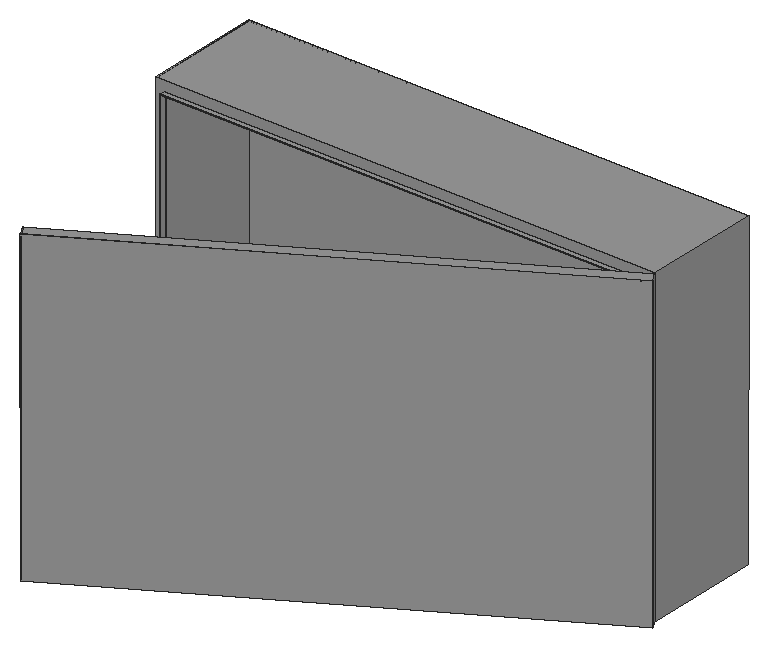
Revit family "Hager-Univers-IP44-D205-H500-Cl.I-encl-NoHosted-DE-de", category Equipement électrique, Revit 2020
Family settings
  Configuration du panneau = Deux colonnes, circuits au sein
  Cote de connecteur circulaire = Utiliser le diamètre
  Type d'élément = Tableau de raccordement
  Basée sur le plan de construction = Oui
  Toujours verticalement = Oui
  Couper avec des vides une fois chargée = Non
  Partagée = Non
  Point de calcul de pièce = Non
Parameters (values of type "Aufputz IP44 B800 H500 T205  - FP33TN2")
  Width Control [instance] = if([EF000008 - Breite] > Min Width, [EF000008 - Breite], Min Width)  # 800 mm
  Commentaires du type = [HG000003 - Bereich]  # "Univers"
  Thickness Door [instance] = if([EF009171 - Materialstärke Tür/Deckel] > 3 mm, 3 mm, [EF009171 - Materialstärke Tür/Deckel])  # 1 mm
  Seal Frame Offset [instance] = 17 mm  # constant formula
  Plinth Visibility [instance] = [HG000027 - Sockelhöhe] > 0 mm  # no
  Min Width [instance] = 100 mm  # constant formula
  Min Depth [instance] = (2 * [EF009170 - Materialstärke Gehäuse]) + 1 mm  # 3 mm
  Min Height [instance] = 100 mm  # constant formula
  Internal Frame Depth [instance] = (Door System Depth * 0.5)  # 9 mm
  Panel Name [instance] = ""  # (empty or 0)
  Model = ""
  HG000027 - Sockelhöhe = 0 mm
  HG000026 - Stehend auf dem Boden = no
  HG000024 - Höhe des unteren Teils = 600 mm
  HG000023 - Gehäuse mit doppeltem Querschnitt = no
  HG000016 - 3D-Türsichtbarkeit [instance] = yes
  HG000015 - Sichtbarkeit der Türöffnung [instance] = no
  HG000014 - Tür rechts [instance] = yes
  HG000013 - Tür links [instance] = not([HG000014 - Tür rechts])  # no
  HG000012 - Türschwenkwinkel [instance] = 30.00°
  HG000010 - Asymmetrische Türen = no
  HG000009 - Doppelflügeligen Tür = no
  HG000006 - Unterputz = no
  HG000004 - Herstellerreferenz = "FP33TN2"
  HG000003 - Bereich = "Univers"
  HG000002 - Mit tür = yes
  Frame Offset Bottom [instance] = 10 mm  # constant formula
  Frame Offset [instance] = 15 mm  # constant formula
  EF015940 - Deckel mit Überdruckentlastung = no
  EF011959 - Schutzart (NEMA) = ""
  EF009554 - Anzahl der Öffnungen für Flanschplatten = 6
  EF009212 - Ausführung Deckel = "EV000116 - geschlossen"
  EF009171 - Materialstärke Tür/Deckel = 1 mm
  EF009170 - Materialstärke Gehäuse = 1 mm
  EF008873 - Nennstrom (In) = 250 A
  EF007800 - Geeignet für Blitzschutz = no
  EF006306 - Mit Schloss = no
  EF006244 - Transparenter Deckel/Tür = no
  EF005474 - Schutzart (IP) = "EV006418 - IP44"
  EF004464 - Art der Tür = "EV002646 - Einzel"
  EF004427 - Anzahl der Module = 108
  EF004293 - Schlagfestigkeit = "EV006815 - IK09"
  EF003532 - Geeignet für Außengebrauch = no
  EF002950 - Breite in Teilungseinheiten = 36
  EF001613 - Funktionserhalt = "EV000494 - ohne"
  EF001596 - Werkstoff des Gehäuses = "EV000179 - Stahl"
  EF001131 - Innentiefe = 205 mm
  EF001088 - Anbaumöglichkeit = yes
  EF000437 - Anzahl der Leitungseinführungen = 6
  EF000339 - Art der Abdeckung = "EV001012 - Deckel"
  EF000266 - Anzahl der Reihen = 3
  EF000218 - Einbautiefe = 205 mm
  EF000118 - Mit Montageplatte = no
  EF000116 - RAL-Nummer = "9010"
  EF000049 - Tiefe = 205 mm
  EF000040 - Höhe = 500 mm
  EF000008 - Breite = 800 mm
  EF000007 - Farbe = "EV000202 - weiß"
  EF000003 - Montageart = "EV000384 - Aufputz"
  Door System Leaf Tolerance [instance] = 1.5 mm  # constant formula
  Door System Depth [instance] = 18 mm  # constant formula
  Door Height [instance] = Height Control - [HG000027 - Sockelhöhe]  # 500 mm
  Description = ""
  Default Elevation = 1219.2 mm
  Connector Offset [instance] = Height Control / 2  # 250 mm
  Fabricant = "Hager"  # constant formula
  Height Control [instance] = if([EF000040 - Höhe] > Min Height, [EF000040 - Höhe], Min Height)  # 500 mm
  Depth Control [instance] = if([EF000049 - Tiefe] > Min Depth, [EF000049 - Tiefe], Min Depth)  # 205 mm
  Bottom Top Plate Trim [instance] = 1.5 mm  # constant formula
  Plinth height Ctrl [instance] = if([HG000027 - Sockelhöhe] > 0 mm, [HG000027 - Sockelhöhe], 12 mm)  # 12 mm
Types (9, lengths in mm): name | Width Control | HG000010 - Asymmetrische Türen | HG000009 - Doppelflügeligen Tür | HG000004 - Herstellerreferenz | EF009554 - Anzahl der Öffnungen für Flanschplatten | EF004464 - Art der Tür | EF004427 - Anzahl der Module | EF004293 - Schlagfestigkeit | EF002950 - Breite in Teilungseinheiten | EF000437 - Anzahl der Leitungseinführungen | EF000008 - Breite
  Aufputz IP44 B1050 H500 T205  - FP34TN2 | 1050 | no | yes | "FP34TN2" | 8 | "EV003602 - Doppel" | 144 | "EV006815 - IK09" | 48 | 8 | 1050
  Aufputz IP44 B1300 H500 T205  - FP35TN | 1300 | no | yes | "FP35TN" | 10 | "EV003602 - Doppel" | 180 | "EV006815 - IK09" | 60 | 10 | 1300
  Aufputz IP44 B1300 H500 T205  - FP35TN2 | 1300 | yes | yes | "FP35TN2" | 10 | "EV003602 - Doppel" | 180 | "EV006815 - IK09" | 60 | 10 | 1300
  Aufputz IP44 B300 H500 T205  - FP31TN | 300 | no | no | "FP31TN" | 2 | "EV002646 - Einzel" | 36 | "EV006813 - IK07" | 12 | 2 | 300
  Aufputz IP44 B300 H500 T205  - FP31TN2 | 300 | no | no | "FP31TN2" | 2 | "EV002646 - Einzel" | 36 | "EV006815 - IK09" | 12 | 2 | 300
  Aufputz IP44 B550 H500 T205  - FP32TN | 550 | no | no | "FP32TN" | 4 | "EV002646 - Einzel" | 72 | "EV006815 - IK09" | 24 | 4 | 550
  Aufputz IP44 B550 H500 T205  - FP32TN2 | 550 | no | no | "FP32TN2" | 4 | "EV002646 - Einzel" | 72 | "EV006815 - IK09" | 24 | 4 | 550
  Aufputz IP44 B800 H500 T205  - FP33TN | 800 | no | no | "FP33TN" | 6 | "EV002646 - Einzel" | 108 | "EV006815 - IK09" | 36 | 6 | 800
  Aufputz IP44 B800 H500 T205  - FP33TN2 | 800 | no | no | "FP33TN2" | 6 | "EV002646 - Einzel" | 108 | "EV006815 - IK09" | 36 | 6 | 800
Reference planes
  plane 1 "Center (Front/Back)": y = 0
  plane 2: z = 0
  plane 3 "Center (Left/Right)": x = 0
  plane 4: y = 0
  plane 5: y = 0
  plane 6: z = 0
  plane 7: x = -400
  plane 8: x = 400
  plane 9: x = 399
  plane 10: x = -399
  plane 11: z = 0
  plane 12: z = 1
  plane 13: y = -205
  plane 14: y = -1
  plane 15: x = 0
  plane 16: y = -187
  plane 17: y = -204
  plane 18: y = -186
  plane 19: x = -384
  plane 20: x = 384
  plane 21: z = 11
  plane 22: x = -383
  plane 23: x = 383
  plane 24: z = 0
  plane 25: z = 500
  plane 26: z = 500
  plane 27: z = 484
  plane 28: z = 499
Forms (mm)
  Extrusion 1, solid, material "Hager_Steel_RAL7035_Light_Grey", detail levels medium+fine
    sketch origin (-208.679, -4572, 0) x (-1, 0, 0) y (0, -1, 0)
      loop
        line (191.321, -4385) -> (-608.679, -4385) -> (-608.679, -4572) -> (191.321, -4572) -> (191.321, -4385)
    from 0 to 500
  Extrusion 2, void
    sketch origin (-350.771, -205, 1219.2) x (1, 0, 0) y (0, 0, 1)
      loop
        line (-48.229, -720.2) -> (-48.229, -1218.2) -> (749.771, -1218.2) -> (749.771, -720.2) -> (-48.229, -720.2)
    from -19 to -204
  Extrusion 3, void
    sketch origin (-290.084, -187, 1219.2) x (1, 0, 0) y (0, 0, 1)
      loop
        line (-93.916, -1208.2) -> (674.084, -1208.2) -> (674.084, -735.2) -> (-93.916, -735.2) -> (-93.916, -1208.2)
    from 0 to -1
  Extrusion 4, solid, material "Hager_Steel_RAL7035_Light_Grey", visible <- "Plinth Visibility", detail levels medium+fine
    sketch origin (0, 0, 0) x (1, 0, 0) y (0, 1, 0)
      loop
        line (-400, 0) -> (-400, -187) -> (400, -187) -> (400, 0) -> (-400, 0)
    from 0 to 12 <- "Plinth height Ctrl"
  Extrusion 5, solid, material "Hager_Steel_RAL7035_Light_Grey", detail levels coarse
    sketch origin (0, 0, 0) x (1, 0, 0) y (0, 1, 0)
      loop
        line (-400, 0) -> (-400, -205) -> (400, -205) -> (400, 0) -> (-400, 0)
    from 0 to 500 <- "Height Control"
  Sweep 6, void
    path in 3D
      loop
        line (-400, -187, 12) -> (400, -187, 12) -> (400, 0, 12) -> (-400, 0, 12) -> (-400, -187, 12)
    profile origin (-400, -93.5, 12) x (1, 0, 0) y (0, 0, 1)
      loop
        line (0, 0) -> (0, -1.5) -> (1.5, -1.5)
        arc (1.5, -1.5) -> (1.061, -0.439) -> (0, 0) r 1.5
  Extrusion 7, solid, material "Hager_Steel_RAL7035_Light_Grey", detail levels fine
    sketch origin (-400, -187, 0) x (1, 0, 0) y (0, 0, 1)
      loop
        line (16, 11) -> (784, 11) -> (784, 484) -> (16, 484) -> (16, 11)
      loop
        line (15, 10) -> (785, 10) -> (785, 485) -> (15, 485) -> (15, 10)
    from 0 to 9 <- "Internal Frame Depth"
Cuts and joins
  Extrusion 2, Extrusion 3 cuts Extrusion 1
  Sweep 6 cuts Extrusion 4
Lines and regions (mm)
  Masking region 1
    outline origin (0, 0, 0) x (1, 0, 0) y (0, 1, 0)
      loop
        line (-400, 0) -> (-400, -205) -> (400, -205) -> (400, 0) -> (-400, 0)
  Masking region 2, detail levels coarse
    outline origin (-290.084, -187, 1219.2) x (-1, 0, 0) y (0, 0, 1)
      loop
        line (-690.084, -1219.2) -> (109.916, -1219.2) -> (109.916, -719.2) -> (-690.084, -719.2) -> (-690.084, -1219.2)
  Masking region 3, detail levels coarse
    outline origin (0, 0, 0) x (0, 1, 0) y (0, 0, 1)
      loop
        line (0, 0) -> (0, 500) -> (-205, 500) -> (-205, 0) -> (0, 0)
  Masking region 4, visible <- "Plinth Visibility", detail levels medium+fine
    outline origin (0, 0, 0) x (0, 1, 0) y (0, 0, 1)
      loop
        line (-1.5, 12) -> (-185.5, 12)
        arc (-185.5, 12) -> (-185.939, 10.939) -> (-187, 10.5) r 1.5
        line (-187, 10.5) -> (-187, 0) -> (0, 0) -> (0, 10.5)
        arc (0, 10.5) -> (-1.061, 10.939) -> (-1.5, 12) r 1.5
  Masking region 5, detail levels medium+fine
    outline origin (0, 0, 594.038) x (0, 1, 0) y (0, 0, 1)
      loop
        line (0, -594.038) -> (0, -94.038) -> (-187, -94.038) -> (-187, -594.038) -> (0, -594.038)
  Masking region 6, detail levels medium+fine
    outline origin (-359.7, -187, 1211.883) x (-1, 0, 0) y (0, 0, 1)
      loop
        line (-759.7, -1211.883) -> (40.3, -1211.883) -> (40.3, -711.883) -> (-759.7, -711.883) -> (-759.7, -1211.883)
  Masking region 7, visible <- "Plinth Visibility", detail levels medium+fine
    outline origin (-320.334, -187, 1041.368) x (-1, 0, 0) y (0, 0, 1)
      loop
        line (-720.334, -1041.368) -> (79.666, -1041.368) -> (79.666, -1030.868)
        arc (79.666, -1030.868) -> (78.606, -1030.429) -> (78.166, -1029.368) r 1.5
        line (78.166, -1029.368) -> (-718.834, -1029.368)
        arc (-718.834, -1029.368) -> (-719.273, -1030.429) -> (-720.334, -1030.868) r 1.5
        line (-720.334, -1030.868) -> (-720.334, -1041.368)
  sketch lines
    curve 1: line (-400, 0, 12) -> (-400, -187, 12)
    curve 2: line (-400, -187, 12) -> (400, -187, 12)
    curve 3: line (400, 0, 12) -> (-400, 0, 12)
    curve 4: line (400, -187, 12) -> (400, 0, 12)
Dimensions and locks
  locked: plane 1 "Center (Front/Back)" to plane 5
  "EF009170 - Materialstärke Gehäuse": plane 7 to plane 10
  "EF009170 - Materialstärke Gehäuse": plane 8 to plane 9
  equal spacing: plane 7, plane 3 "Center (Left/Right)", plane 8
  "Width Control": plane 7 to plane 8
  "Depth Control": plane 4 to plane 13
  "EF009170 - Materialstärke Gehäuse": plane 4 to plane 14
  "Height Control": plane 25 to level
  "HG000027 - Sockelhöhe": plane 11 to level
  "EF009170 - Materialstärke Gehäuse": plane 12 to plane 11
  "EF009170 - Materialstärke Gehäuse": plane 17 to plane 13
  "EF009170 - Materialstärke Gehäuse": plane 18 to plane 16
  "Frame Offset Bottom": plane 21 to plane 12
  "Frame Offset": plane 10 to plane 19
  "Frame Offset": plane 9 to plane 20
  "Door System Depth": plane 16 to plane 13
  "Seal Frame Offset": plane 7 to plane 22
  "Seal Frame Offset": plane 8 to plane 23
  "EF009170 - Materialstärke Gehäuse": plane 26 to plane 28
  "Frame Offset": plane 28 to plane 27
  "Connector Offset": plane 2 to connector elem
  "Bottom Top Plate Trim": profile plane to Sweep 6 sketch curve
  "Bottom Top Plate Trim": Sweep 6 sketch curve to Sweep 6 sketch curve
  "Plinth height Ctrl": Masking region 4 sketch curve to level
  "Plinth height Ctrl": Masking region 7 sketch curve to level
  "Thickness Door": Extrusion 7 sketch curve to Extrusion 7 sketch curve  (x4)
  "Bottom Top Plate Trim": radius of Sweep 6 sketch curve
  "Bottom Top Plate Trim": radius of Masking region 4 sketch curve  (x2)
  "Bottom Top Plate Trim": radius of Masking region 7 sketch curve  (x2)
  aligned and locked: Extrusion 2 sketch curve to plane 12
  aligned and locked: Extrusion 2 sketch curve to plane 9
  aligned and locked: Extrusion 2 sketch curve to plane 10
  aligned and locked: Extrusion 2 to plane 14
  aligned and locked: Extrusion 1 sketch curve to plane 4
  aligned and locked: plane 8 to Extrusion 1 sketch curve
  aligned and locked: plane 7 to Extrusion 1 sketch curve
  aligned and locked: Extrusion 2 to plane 18
  aligned and locked: plane 19 to Extrusion 3 sketch curve
  aligned and locked: plane 20 to Extrusion 3 sketch curve
  aligned and locked: Extrusion 3 to Extrusion 2
  aligned and locked: Extrusion 3 sketch curve to plane 21
  aligned and locked: plane 3 "Center (Left/Right)" to nested 1
  aligned and locked: Extrusion 1 sketch curve to plane 16
  aligned and locked: Extrusion 4 sketch curve to cut or joined group of Extrusion 1, Extrusion 2, Extrusion 3
  aligned and locked: Masking region 1 sketch curve to plane 7
  aligned and locked: Masking region 1 sketch curve to plane 5
  aligned and locked: Masking region 1 sketch curve to plane 8
  aligned and locked: Masking region 2 sketch curve to level
  aligned and locked: level to Masking region 3 sketch curve
  aligned and locked: plane 1 "Center (Front/Back)" to Masking region 3 sketch curve
  aligned and locked: plane 13 to Masking region 3 sketch curve
  aligned and locked: plane 5 to Masking region 4 sketch curve
  aligned and locked: Masking region 2 sketch curve to plane 8
  aligned and locked: Masking region 2 sketch curve to plane 7
  aligned and locked: plane 7 to nested 2
  aligned and locked: nested 2 to plane 5
  aligned and locked: plane 5 to Masking region 5 sketch curve
  aligned and locked: plane 26 to Masking region 5 sketch curve
  aligned and locked: Extrusion 5 sketch curve to plane 8
  aligned and locked: Extrusion 5 sketch curve to plane 7
  aligned and locked: Extrusion 5 sketch curve to plane 5
  aligned and locked: Extrusion 3 sketch curve to plane 27
  aligned and locked: Extrusion 2 sketch curve to plane 28
  aligned and locked: Masking region 2 to plane 25
  aligned and locked: Extrusion 4 to plane 16
  aligned and locked: profile plane to Sweep 6 sketch curve
  aligned and locked: Masking region 5 sketch curve to plane 24
  aligned and locked: level to Masking region 4 sketch curve
  aligned and locked: Masking region 1 to plane 13
  aligned and locked: nested 1 to plane 16
  aligned and locked: Masking region 3 to plane 25
  aligned and locked: plane 16 to Masking region 4 sketch curve
  aligned and locked: Masking region 5 sketch curve to plane 16
  aligned and locked: plane 24 to plane 11
  aligned and locked: plane 26 to plane 25
  aligned and locked: plane 26 to cut or joined group of Extrusion 1, Extrusion 2, Extrusion 3
  aligned and locked: nested 1 to plane 24
  aligned and locked: Extrusion 1 to Extrusion 3
  aligned and locked: Masking region 6 sketch curve to plane 8
  aligned and locked: Masking region 6 sketch curve to plane 24
  aligned and locked: Masking region 6 sketch curve to plane 7
  aligned and locked: Masking region 6 sketch curve to plane 26
  aligned and locked: Masking region 7 sketch curve to plane 7
  aligned and locked: level to Masking region 7 sketch curve
  aligned and locked: Masking region 7 sketch curve to plane 8
  aligned and locked: Extrusion 7 sketch curve to cut or joined group of Extrusion 1, Extrusion 2, Extrusion 3  (x4)
Automatic sketch dimensions
  plane 19 to Extrusion 3 sketch curve = 0 mm
  Extrusion 3 sketch curve to plane 20 = 0 mm
  Extrusion 3 sketch curve to plane 21 = 0 mm
  Extrusion 4 sketch curve to plane 7 = 0 mm
  Extrusion 4 sketch curve to plane 8 = 0 mm
  Extrusion 4 sketch curve to plane 16 = 0 mm
  Masking region 1 sketch curve to plane 13 = 0 mm
  Masking region 2 sketch curve to plane 25 = 0 mm
  Masking region 3 sketch curve to plane 25 = 0 mm
  Extrusion 5 sketch curve to plane 13 = 0 mm
  profile plane to Sweep 6 sketch curve = 0 mm
Nested families
  nested 1: "EC000058_Univers_Door" at (0, -187, 0), Double <- "HG000009 - Doppelflügeligen Tür", Transparent <- "EF006244 - Transparenter Deckel/Tür", Angle <- "HG000012 - Türschwenkwinkel", Door_Right <- "HG000014 - Tür rechts", Assymetrical <- "HG000010 - Asymmetrische Türen", Door <- "HG000002 - Mit tür", Width_Ctrl <- "Width Control", 3d_Door <- "HG000016 - 3D-Türsichtbarkeit", Clearance <- "HG000015 - Sichtbarkeit der Türöffnung", Door_Left <- "HG000013 - Tür links", Width <- "Width Control", Door_Depth <- "Door System Depth", Leaf_Tolerance <- "Door System Leaf Tolerance", Height <- "Door Height", Lock_Visibility <- "EF006306 - Mit Schloss", Thickness <- "Thickness Door", type "EC000058_Univers_Door", detail levels medium+fine
    with min_wh 3 mm, Width_Ctrl 800 mm, Width 800 mm, Transparent no, Thickness 1 mm, Seal_Material Hager_Rubber, Lock_Visibility no, Lock_Material Hager_Plastic_RAL9005_Jet_Black, Leaf_Width 800 mm, Leaf_Tolerance_External_Sides 0 mm, Leaf_Tolerance 1.5 mm, Leaf_Offset 0 mm, Leaf_Height 497 mm, Leaf_2_Width 800 mm, Leaf_2_Offset 400 mm, Leaf_1_Width 800 mm, Leaf_1_Offset 400 mm, Height_Ctrl 500 mm, Height 500 mm, Glass_Material Hager_Glass, Double_Clearance_Ctrl no, Double no, Door_Right_Ctrl yes, Door_Right yes, Door_Material Hager_Steel_RAL7035_Light_Grey, Door_Left_Ctrl no, Door_Left no, Door_Depth 18 mm, Door yes, Clearance_Material Hager_Clearance, Clearance_Depth 800 mm, Clearance_Ctrl no, Clearance no, Assymetrical no, Angle 30.00°, 3d_Door yes
  nested 2: "Hager_Enclosure_Symbol" at (-400, 0, 0), Height <- "Depth Control", Width <- "Width Control", type "Hager_Enclosure_Symbol"
    with Width_Ctrl 800 mm, Width 800 mm, Height_Ctrl 205 mm, Height 205 mm, A_Width_Int 13.453 mm, A_Width 161.438 mm, A_Height_Ctrl 179.375 mm, A_Height 179.375 mm
Connectors
  electrical at (0, 0, 250)
    settings: on plane 1 "Center (Front/Back)", index 1, voltage 0 V, apparent load 0 VA, apparent load phase1 0 VA, apparent load phase2 0 VA, apparent load phase3 0 VA, power factor 1, load classification "Other", number of poles 1, system type 30, power factor state 1, is connector primary yes, connector utility no, sub classification motor no, connector description ""
Definition of nested family "EC000058_Univers_Door"
  Parameters (values of type "EC000058_Univers_Door")
    min_wh [instance] = (2 * Thickness) + 1 mm  # 11 mm
    Width_Ctrl [instance] = 400 mm
    Width [instance] = 500 mm
    Transparent [instance] = yes
    Thickness [instance] = 5 mm
    Seal_Material [instance] = none
    Lock_Visibility [instance] = yes
    Lock_Material [instance] = none
    Leaf_Width [instance] = if((Width_Ctrl - 2 * Leaf_Tolerance_External_Sides) > 0 mm, (Width_Ctrl - 2 * Leaf_Tolerance_External_Sides), min_wh)  # 400 mm
    Leaf_Tolerance_External_Sides [instance] = 0 mm  # constant formula
    Leaf_Tolerance [instance] = 1.5 mm
    Leaf_Offset [instance] = 0 mm  # constant formula
    Leaf_Height [instance] = if((Height_Ctrl - 2 * Leaf_Tolerance) > 0 mm, (Height_Ctrl - 2 * Leaf_Tolerance), min_wh)  # 497 mm
    Leaf_2_Width [instance] = if(and(and(Double, Assymetrical), Door_Left), (Leaf_Width / 3) - (Leaf_Tolerance / 2), if(and(and(Double, Assymetrical), Door_Right), (Leaf_Width / 3) * 2 - (Leaf_Tolerance / 2), if(and(Double, not(Assymetrical)), (Leaf_Width / 2) - Leaf_Tolerance, Leaf_Width)))  # 400 mm
    Leaf_2_Offset [instance] = if(and(Double, Assymetrical), Leaf_2_Width / 2, if(and(Double, not(Assymetrical)), Leaf_Width / 4, Leaf_Width / 2))  # 200 mm
    Leaf_1_Width [instance] = if(and(and(Double, Assymetrical), Door_Right), (Leaf_Width / 3) - (Leaf_Tolerance / 2), if(and(and(Double, Assymetrical), Door_Left), (Width / 3) * 2 - (Leaf_Tolerance / 2), if(and(Double, not(Assymetrical)), (Leaf_Width / 2) - Leaf_Tolerance, Leaf_Width)))  # 400 mm
    Leaf_1_Offset [instance] = if(and(Double, Assymetrical), Leaf_1_Width / 2, if(and(Double, not(Assymetrical)), Leaf_Width / 4, Leaf_Width / 2))  # 200 mm
    Height_Ctrl [instance] = if(Height > min_wh, Height, min_wh)  # 500 mm
    Height [instance] = 500 mm
    Glass_Material [instance] = none
    Double_Clearance_Ctrl [instance] = and(Double, Clearance)  # no
    Double [instance] = no
    Door_Right_Ctrl [instance] = and(or(Door_Right, Double), Door)  # yes
    Door_Right [instance] = yes
    Door_Material [instance] = none
    Door_Left_Ctrl [instance] = and(or(Door_Left, Double), Door)  # no
    Door_Left [instance] = no
    Door_Depth [instance] = 30 mm
    Door [instance] = yes
    Default Elevation = 1219.2 mm
    Clearance_Material [instance] = none
    Clearance_Depth [instance] = if(Leaf_1_Width > Leaf_2_Width, Leaf_1_Width, Leaf_2_Width)  # 400 mm
    Clearance_Ctrl [instance] = and(not(Double), Clearance)  # yes
    Clearance [instance] = yes
    Assymetrical [instance] = yes
    Angle [instance] = 30.00°
    3d_Door [instance] = yes
  Reference planes
    plane 1 "Center (Front/Back)": y = 0
    plane 2 "Bottom": z = 0
    plane 3 "Center (Left/Right)": x = 0
    plane 4: z = 500
    plane 5: x = -200
    plane 6: x = 200
    plane 7: z = 500
    plane 8: x = -200
    plane 9: z = 0
    plane 10: x = 200
    plane 11: y = 0
    plane 12: z = 1.5
    plane 13: x = -600
    plane 14: y = -400
    plane 15: x = 600
    plane 16: x = 0
    plane 17: x = 0
    plane 18: x = -200
    plane 19: x = 200
    plane 20: z = 498.5
  Forms (mm)
    Extrusion 1, solid, material <- "Clearance_Material", visible <- "Double_Clearance_Ctrl"
      sketch origin (1200, 0, 0) x (1, 0, 0) y (0, 0, -1)
        loop
          line (-1800, -498.5) -> (-600, -498.5) -> (-600, 0) -> (-1800, 0) -> (-1800, -498.5)
      from 0 to -400
  Dimensions and locks
    equal spacing: plane 5, plane 3 "Center (Left/Right)", plane 6
    "Width_Ctrl": plane 5 to plane 6
    "Leaf_Offset": plane 5 to plane 8
    "Leaf_Offset": plane 6 to plane 10
    "Leaf_Offset": plane 9 to level
    "Leaf_Offset": plane 4 to plane 7
    "Height_Ctrl": plane 4 to level
    "Leaf_Tolerance": plane 12 to plane 9
    locked: plane 11 to plane 1 "Center (Front/Back)"
    "Leaf_1_Offset": plane 18 to plane 16
    "Leaf_2_Offset": plane 17 to plane 19
    "Leaf_1_Width": plane 13 to plane 8
    "Leaf_2_Width": plane 10 to plane 15
    "Clearance_Depth": plane 14 to plane 1 "Center (Front/Back)"
    "Leaf_Tolerance_External_Sides": plane 8 to plane 18
    "Leaf_Tolerance_External_Sides": plane 19 to plane 10
    "Leaf_Tolerance": plane 7 to plane 20
    aligned and locked: level to plane 2 "Bottom"
    aligned and locked: nested 1 to plane 16
    aligned and locked: nested 2 to plane 17
    aligned and locked: Extrusion 1 to plane 13
    aligned and locked: plane 15 to Extrusion 1
    aligned and locked: Extrusion 1 to plane 14
    aligned and locked: plane 12 to nested 1
    aligned and locked: nested 2 to plane 12
    aligned and locked: Extrusion 1 to plane 11
    aligned and locked: plane 20 to Extrusion 1
    aligned and locked: nested 2 to plane 11
    aligned and locked: nested 1 to plane 11
  Automatic sketch dimensions
    Extrusion 1 sketch curve to level = 0 mm
    plane 5 to Extrusion 1 sketch curve = 400 mm
    plane 6 to Extrusion 1 sketch curve = 400 mm
    Extrusion 1 sketch curve to plane 4 = 1.5 mm
  Nested families
    nested 1: "EC000058_Univers_Door_Leaf" at (0, 0, 1.5), Width <- "Leaf_1_Width", visible <- "Door_Left_Ctrl", Leaf_Height <- "Leaf_Height", Angle <- "Angle", 3d_Door <- "3d_Door", Transparent <- "Transparent", Clearance Material <- "Clearance_Material", Clearance <- "Clearance_Ctrl", Door_Material <- "Door_Material", Glass_Material <- "Glass_Material", Door_Depth <- "Door_Depth", Lock_Material <- "Lock_Material", Seal_Material <- "Seal_Material", Lock_Visibility <- "Lock_Visibility", Thickness <- "Thickness", type "EC000058_Univers_Door_Leaf"
      with Width 400 mm, Transparent_Glass_Offset 30 mm, Transparent_Ctrl yes, Transparent yes, Thickness 5 mm, Standard no, Seal_Material none, Seal_D2 8 mm, Seal_D1 1 mm, Offset_Internal_Frame 10 mm, Lock_Width 20 mm, Lock_Visibility_3d yes, Lock_Visibility yes, Lock_Thickness_3 3 mm, Lock_Thickness_2 1 mm, Lock_Thickness_1 3 mm, Lock_Radius_Offset_2 16 mm, Lock_Radius_Offset_1 15 mm, Lock_Radius_2 5 mm, Lock_Radius 6 mm, Lock_Offset 5 mm, Lock_Material none, Lock_Height 80 mm, Lock_Cover_Top_Offset_2d 17 mm, Lock_Cover_Height -65 mm, Leaf_Height 497 mm, Internal_Seal_Thickness 8 mm, Internal_Seal_Depth_2 4.5 mm, Internal_Frame_Depth 25 mm, Glass_Thickness -1 mm, Glass_Offset -2 mm, Glass_Material none, Door_Material none, Door_Depth 30 mm, Clearance Material none, Clearance yes, Angle_Ctrl 30.00°, Angle 30.00°, 3d_Door yes
    nested 2: "EC000058_Univers_Door_Leaf" at (0, 0, 1.5) x (-1, 0, 0) z (0, 0, 1), Width <- "Leaf_2_Width", visible <- "Door_Right_Ctrl", Leaf_Height <- "Leaf_Height", Angle <- "Angle", 3d_Door <- "3d_Door", Transparent <- "Transparent", Clearance Material <- "Clearance_Material", Clearance <- "Clearance_Ctrl", Door_Material <- "Door_Material", Glass_Material <- "Glass_Material", Door_Depth <- "Door_Depth", Lock_Material <- "Lock_Material", Seal_Material <- "Seal_Material", Lock_Visibility <- "Lock_Visibility", Thickness <- "Thickness", type "EC000058_Univers_Door_Leaf"
      with Width 400 mm, Transparent_Glass_Offset 30 mm, Transparent_Ctrl yes, Transparent yes, Thickness 5 mm, Standard no, Seal_Material none, Seal_D2 8 mm, Seal_D1 1 mm, Offset_Internal_Frame 10 mm, Lock_Width 20 mm, Lock_Visibility_3d yes, Lock_Visibility yes, Lock_Thickness_3 3 mm, Lock_Thickness_2 1 mm, Lock_Thickness_1 3 mm, Lock_Radius_Offset_2 16 mm, Lock_Radius_Offset_1 15 mm, Lock_Radius_2 5 mm, Lock_Radius 6 mm, Lock_Offset 5 mm, Lock_Material none, Lock_Height 80 mm, Lock_Cover_Top_Offset_2d 17 mm, Lock_Cover_Height -65 mm, Leaf_Height 497 mm, Internal_Seal_Thickness 8 mm, Internal_Seal_Depth_2 4.5 mm, Internal_Frame_Depth 25 mm, Glass_Thickness -1 mm, Glass_Offset -2 mm, Glass_Material none, Door_Material none, Door_Depth 30 mm, Clearance Material none, Clearance yes, Angle_Ctrl 30.00°, Angle 30.00°, 3d_Door yes
  Definition of nested family "EC000058_Univers_Door_Leaf"
    Parameters (values of type "EC000058_Univers_Door_Leaf")
      Width [instance] = 2000 mm
      Transparent_Glass_Offset [instance] = 30 mm
      Transparent_Ctrl [instance] = and(Transparent, [3d_Door])  # yes
      Transparent [instance] = yes
      Thickness [instance] = 5 mm
      Standard [instance] = and(not(Transparent), [3d_Door])  # no
      Seal_Material [instance] = none
      Seal_D2 [instance] = 8 mm  # constant formula
      Seal_D1 [instance] = 1 mm  # constant formula
      Offset_Internal_Frame [instance] = 10 mm  # constant formula
      Lock_Width [instance] = 20 mm  # constant formula
      Lock_Visibility_3d [instance] = and(Lock_Visibility, [3d_Door])  # yes
      Lock_Visibility [instance] = yes
      Lock_Thickness_3 [instance] = 3 mm  # constant formula
      Lock_Thickness_2 [instance] = 1 mm  # constant formula
      Lock_Thickness_1 [instance] = 3 mm  # constant formula
      Lock_Radius_Offset_2 [instance] = Lock_Radius_Offset_1 + 1 mm  # 16 mm
      Lock_Radius_Offset_1 [instance] = 15 mm  # constant formula
      Lock_Radius_2 [instance] = Lock_Radius - 1 mm  # 5 mm
      Lock_Radius [instance] = 6 mm  # constant formula
      Lock_Offset [instance] = 5 mm  # constant formula
      Lock_Material [instance] = none
      Lock_Height [instance] = 80 mm  # constant formula
      Lock_Cover_Top_Offset_2d [instance] = Lock_Radius_Offset_2 + 1 mm  # 17 mm
      Lock_Cover_Height [instance] = -(Lock_Height - Lock_Radius_Offset_1)  # -65 mm
      Leaf_Height [instance] = 2720.336 mm
      Internal_Seal_Thickness [instance] = 8 mm  # constant formula
      Internal_Seal_Depth_2 [instance] = 4.5 mm  # constant formula
      Internal_Frame_Depth [instance] = if(Door_Depth - Thickness > 5 mm, Door_Depth - Thickness, 5 mm)  # 25 mm
      Glass_Thickness [instance] = if(Thickness > 15 mm, Glass_Offset + 10 mm, -1 mm)  # -1 mm
      Glass_Offset [instance] = if(Thickness > 15 mm, -(Thickness + 10 mm) / 2, -2 mm)  # -2 mm
      Glass_Material [instance] = none
      Door_Material [instance] = none
      Door_Depth [instance] = 30 mm
      Default Elevation = 0 mm
      Clearance Material [instance] = none
      Clearance [instance] = yes
      Angle_Ctrl [instance] = if(Angle > 180.00°, 180.00°, Angle)  # 90.00°
      Angle [instance] = 90.00°
      3d_Door [instance] = yes
    Reference planes
      plane 1 "Center (Front/Back)": y = 0
      plane 2: z = 0
      plane 3 "Center (Left/Right)": x = 0
      plane 4: y = 2000
      plane 5: x = -1000
      plane 6: x = 1000
      plane 7: x = -3000
      plane 8: z = 2720.336
      plane 9: z = 30
      plane 10: z = 2690.336
      plane 11: x = 970
      plane 12: x = -970
      plane 13: y = -3
      plane 14: z = 107.833
      plane 15: y = -5
      plane 16: y = -223.314
      plane 17: x = -1000
      plane 18: z = 1360.168
      plane 19: y = 30
    Forms (mm)
      Extrusion 1, solid, material <- "Clearance Material", visible <- "Clearance"
        sketch origin (0, 0, 0) x (1, 0, 0) y (0, 0, 1)
          loop
            line (-3000, 2720.336) -> (-3000, 0) -> (1000, 0) -> (1000, 2720.336) -> (-3000, 2720.336)
        from 0 to -2000
      Extrusion 2, solid, material <- "Door_Material", visible <- "Standard", detail levels medium+fine
        sketch origin (-1000, 0, 0) x (0, 1, 0) y (-1, 0, 0)
          loop
            line (0, 30) -> (0, 25) -> (2000, 25) -> (2000, 30) -> (0, 30)
        from 0 to 2720.336 <- "Leaf_Height"
      Extrusion 3, solid, material <- "Door_Material", visible <- "Transparent_Ctrl", detail levels medium+fine
        sketch origin (-1000, 0, 0) x (0, 1, 0) y (-1, 0, 0)
          loop
            line (0, 25) -> (2000, 25) -> (2000, 30) -> (0, 30) -> (0, 25)
        from 0 to 2720.336 <- "Leaf_Height"
      Extrusion 4, void
        sketch origin (-1025, 2000, 0) x (0, 1, 0) y (0, 0, -1)
          loop
            line (-30, -2690.336) -> (-30, -30) -> (-1970, -30) -> (-1970, -2690.336) -> (-30, -2690.336)
        from 0 to 5 <- "Thickness"
      Sweep 5, solid, material <- "Seal_Material", visible <- "Transparent_Ctrl", detail levels fine
        path in 3D
          loop
            line (-1025, 30, 30) -> (-1025, 30, 2690.336) -> (-1025, 1970, 2690.336) -> (-1025, 1970, 30) -> (-1025, 30, 30)
        profile origin (-1025, 1000, 30) x (1, 0, 0) y (0, 0, 1)
          loop
            line (0, 0) -> (0, -8) -> (1, -8) -> (1, 0) -> (0, 0)
      Extrusion 6, solid, material <- "Glass_Material", visible <- "Transparent_Ctrl", detail levels medium+fine
        sketch origin (-1030, 0, 0) x (0, 1, 0) y (0, 0, -1)
          loop
            line (1970, -2690.336) -> (1970, -30) -> (30, -30) -> (30, -2690.336) -> (1970, -2690.336)
        from -2 <- "Glass_Offset" to -1 <- "Glass_Thickness"
      Extrusion 7, solid, material <- "Door_Material", visible <- "3d_Door", detail levels medium+fine
        sketch origin (-1025, 2000, 0) x (0, -1, 0) y (0, 0, -1)
          loop
            line (0, -2720.336) -> (2000, -2720.336) -> (2000, 0) -> (0, 0) -> (0, -2720.336)
          loop
            line (1995, -5) -> (5, -5) -> (5, -2715.336) -> (1995, -2715.336) -> (1995, -5)
        from 0 to 25 <- "Internal_Frame_Depth"
      Sweep 8, solid, material <- "Seal_Material", visible <- "Transparent_Ctrl", detail levels fine
        path in 3D
          loop
            line (-1025, 0, 0) -> (-1025, 2000, 0) -> (-1025, 2000, 2720.336) -> (-1025, 0, 2720.336) -> (-1025, 0, 0)
        profile origin (-1025, 0, 1360.168) x (1, 0, 0) y (0, 1, 0)
          loop
            line (0, 10) -> (2.975, 10)
            arc (2.975, 10) -> (4.053, 10.447) -> (4.5, 11.525) r 1.525
            line (4.5, 11.525) -> (4.5, 16.527)
            arc (4.5, 16.527) -> (4.069, 17.569) -> (3.027, 18) r 1.473
            line (3.027, 18) -> (0, 18) -> (0, 10)
      Extrusion 9, solid, material <- "Lock_Material", visible <- "Lock_Visibility_3d", detail levels fine
        sketch origin (-1030, 0, 0) x (0, 1, 0) y (0, 0, -1)
          loop
            arc (1993.5, -1400.168) -> (1994.561, -1399.729) -> (1995, -1398.668) r 1.5
            line (1995, -1398.668) -> (1995, -1320.168) -> (1975, -1320.168) -> (1975, -1398.668)
            arc (1975, -1398.668) -> (1975.439, -1399.729) -> (1976.5, -1400.168) r 1.5
            line (1976.5, -1400.168) -> (1993.5, -1400.168)
        from 3 <- "Lock_Thickness_1" to 0
      Blend 10, solid, material <- "Lock_Material", visible <- "Lock_Visibility_3d", detail levels fine
        base sketch origin (-1033, 0, 0) x (0, 1, 0) y (0, 0, -1)
          loop
            line (1975, -1320.168) -> (1975, -1398.668)
            arc (1975, -1398.668) -> (1975.439, -1399.729) -> (1976.5, -1400.168) r 1.5
            line (1976.5, -1400.168) -> (1993.5, -1400.168)
            arc (1993.5, -1400.168) -> (1994.561, -1399.729) -> (1995, -1398.668) r 1.5
            line (1995, -1398.668) -> (1995, -1320.168) -> (1975, -1320.168)
        top sketch origin (-1033, 0, 0) x (0, 1, 0) y (0, 0, -1)
          loop
            line (1976, -1320.168) -> (1976, -1398.668)
            arc (1976, -1398.668) -> (1976.146, -1399.022) -> (1976.5, -1399.168) r 0.5
            line (1976.5, -1399.168) -> (1993.5, -1399.168)
            arc (1993.5, -1399.168) -> (1993.854, -1399.022) -> (1994, -1398.668) r 0.5
            line (1994, -1398.668) -> (1994, -1320.168) -> (1976, -1320.168)
        from 0 to 1 <- "Lock_Thickness_2"
      Blend 11, solid, material <- "Lock_Material", visible <- "Lock_Visibility_3d", detail levels fine
        base sketch origin (-1034, 0, 0) x (0, 1, 0) y (0, 0, -1)
          loop
            line (1978, -1320.168) -> (1978, -1384.168)
            arc (1978, -1384.168) -> (1985, -1391.168) -> (1992, -1384.168) r 7
            line (1992, -1384.168) -> (1992, -1320.168) -> (1978, -1320.168)
        top sketch origin (-1034, 0, 0) x (0, 1, 0) y (0, 0, -1)
          loop
            line (1991, -1320.168) -> (1979, -1320.168) -> (1979, -1383.168)
            arc (1979, -1383.168) -> (1985, -1389.168) -> (1991, -1383.168) r 6
            line (1991, -1383.168) -> (1991, -1320.168)
        from 0 to 3 <- "Lock_Thickness_3"
      Extrusion 12, solid, material <- "Lock_Material", visible <- "Lock_Visibility_3d", detail levels fine
        sketch origin (-1030, 1975, 1320.168) x (1, 0, 0) y (0, -1, 0)
          loop
            line (-7, -19) -> (-7, -1) -> (0, -1) -> (0, 0) -> (-8, 0) -> (-8, -20) -> (0, -20) -> (0, -19) -> (-7, -19)
        from 0 to -65 <- "Lock_Cover_Height"
      Extrusion 13, void
        sketch origin (-1038, 1995, 1320.168) x (-1, 0, 0) y (0, 0, -1)
          loop
            line (-5, -65) -> (0, -65) -> (-5, -60) -> (-5, -65)
        from 0 to 20 <- "Lock_Width"
      Extrusion 14, void
        sketch origin (-1038, 1975, 1320.168) x (0, -1, 0) y (0, 0, -1)
          loop
            circle (-10, -15.995) r 6
          loop
            circle (-10, -15.995) r 5
        from 0 to 2
      Extrusion 15, solid, material <- "Lock_Material", visible <- "Lock_Visibility_3d", detail levels medium
        sketch origin (-1030, 0, 0) x (0, 1, 0) y (0, 0, -1)
          loop
            arc (1993.5, -1400.168) -> (1994.561, -1399.729) -> (1995, -1398.668) r 1.5
            line (1995, -1398.668) -> (1995, -1320.168) -> (1975, -1320.168) -> (1975, -1398.668)
            arc (1975, -1398.668) -> (1975.439, -1399.729) -> (1976.5, -1400.168) r 1.5
            line (1976.5, -1400.168) -> (1993.5, -1400.168)
        from 8 to 0
    Cuts and joins
      Extrusion 4 cuts Extrusion 3
      Extrusion 13, Extrusion 14 cuts Extrusion 9
      Extrusion 14 cuts Blend 11
      Extrusion 13, Extrusion 14 cuts Extrusion 12
      joined: Extrusion 9, Blend 10, Blend 11, Extrusion 12
      Extrusion 14 cuts Extrusion 15
    Lines and regions (mm)
      Masking region 1, visible <- "Lock_Visibility", detail levels fine
        outline origin (0, 0, 0) x (0, 1, 0) y (0, 0, 1)
          loop
            line (30, 1320.168) -> (33, 1320.168) -> (33, 1400.168) -> (30, 1400.168) -> (30, 1320.168)
      Masking region 2, visible <- "Lock_Visibility", detail levels fine
        outline origin (0, 3.143, 0) x (0, 1, 0) y (0, 0, 1)
          loop
            line (29.857, 1354.168) -> (30.857, 1354.168) -> (30.857, 1366.168) -> (29.857, 1366.168) -> (29.857, 1354.168)
      Masking region 3, detail levels medium+fine
        outline origin (0, 0, 0) x (0, 1, 0) y (0, 0, 1)
          loop
            line (0, 0) -> (30, 0) -> (30, 2720.336) -> (0, 2720.336) -> (0, 0)
      Masking region 4, detail levels medium+fine
        outline origin (0, 0, 0) x (1, 0, 0) y (0, 0, 1)
          loop
            line (-1000, 2720.336) -> (-1000, 0) -> (1000, 0) -> (1000, 2720.336) -> (-1000, 2720.336)
      Masking region 5, visible <- "Lock_Visibility", detail levels fine
        outline origin (-47.116, 0, 0) x (1, 0, 0) y (0, 0, 1)
          loop
            arc (1024.616, 1399.168) -> (1023.556, 1398.729) -> (1023.116, 1397.668) r 1.5
            line (1023.116, 1397.668) -> (1023.116, 1320.168) -> (1041.116, 1320.168) -> (1041.116, 1397.668)
            arc (1041.116, 1397.668) -> (1040.677, 1398.729) -> (1039.616, 1399.168) r 1.5
            line (1039.616, 1399.168) -> (1024.616, 1399.168)
      Masking region 6, visible <- "Lock_Visibility", detail levels medium+fine
        outline origin (-25, 0, 0) x (1, 0, 0) y (0, 0, 1)
          loop
            arc (1001.5, 1400.168) -> (1000.439, 1399.729) -> (1000, 1398.668) r 1.5
            line (1000, 1398.668) -> (1000, 1320.168) -> (1020, 1320.168) -> (1020, 1398.668)
            arc (1020, 1398.668) -> (1019.561, 1399.729) -> (1018.5, 1400.168) r 1.5
            line (1018.5, 1400.168) -> (1001.5, 1400.168)
      Masking region 7, visible <- "Lock_Visibility", detail levels fine
        outline origin (-73.735, 0, 0) x (1, 0, 0) y (0, 0, 1)
          loop
            line (1051.735, 1382.168) -> (1065.735, 1382.168) -> (1065.735, 1384.168)
            arc (1065.735, 1384.168) -> (1058.735, 1391.168) -> (1051.735, 1384.168) r 7
            line (1051.735, 1384.168) -> (1051.735, 1382.168)
      Masking region 8, visible <- "Lock_Visibility", detail levels fine
        outline origin (-73.735, 0, 0) x (1, 0, 0) y (0, 0, 1)
          loop
            line (1052.735, 1382.168) -> (1064.735, 1382.168) -> (1064.735, 1383.168)
            arc (1064.735, 1383.168) -> (1058.735, 1389.168) -> (1052.735, 1383.168) r 6
            line (1052.735, 1383.168) -> (1052.735, 1382.168)
      Masking region 9, visible <- "Lock_Visibility", detail levels fine
        outline origin (-25, 0, 0) x (1, 0, 0) y (0, 0, 1)
          loop
            line (1020, 1320.168) -> (1020, 1382.168) -> (1000, 1382.168) -> (1000, 1320.168) -> (1020, 1320.168)
      Masking region 10, detail levels medium+fine
        outline origin (0, 0, 0) x (1, 0, 0) y (0, 0, 1)
          loop
            circle (985, 1335.144) r 6
      Masking region 11, detail levels fine
        outline origin (0, 0, 0) x (1, 0, 0) y (0, 0, 1)
          loop
            circle (985, 1335.144) r 5
      Masking region 12, visible <- "Lock_Visibility", detail levels fine
        outline origin (0, 12.767, 0) x (0, 1, 0) y (0, 0, 1)
          loop
            line (20.233, 1320.168) -> (21.233, 1320.168) -> (21.233, 1399.168) -> (20.233, 1400.168) -> (20.233, 1320.168)
      Masking region 13, visible <- "Lock_Visibility", detail levels fine
        outline origin (0, 13.767, -10) x (0, 1, 0) y (0, 0, 1)
          loop
            line (20.233, 1330.168) -> (23.233, 1330.168) -> (23.233, 1399.168) -> (20.233, 1402.168) -> (20.233, 1330.168)
      Masking region 14, visible <- "Lock_Visibility", detail levels fine
        outline origin (0, 12.767, -10) x (0, 1, 0) y (0, 0, 1)
          loop
            line (20.233, 1330.168) -> (25.233, 1330.168) -> (25.233, 1399.305) -> (20.233, 1394.305) -> (20.233, 1330.168)
      Masking region 15, visible <- "Lock_Visibility", detail levels medium
        outline origin (0, 0, 0) x (0, 1, 0) y (0, 0, 1)
          loop
            line (30, 1320.168) -> (38, 1320.168) -> (38, 1400.168) -> (30, 1400.168) -> (30, 1320.168)
      Masking region 16, visible <- "Lock_Visibility", detail levels fine
        outline origin (-1000, 0, 0) x (0, 1, 0) y (-1, 0, 0)
          loop
            line (1975, 30) -> (1995, 30) -> (1995, 38) -> (1975, 38) -> (1975, 30)
          loop
            line (1979, 37) -> (1976, 37) -> (1976, 34) -> (1978, 34) -> (1979, 37)
          loop
            line (1994, 37) -> (1991, 37) -> (1992, 34) -> (1994, 34) -> (1994, 37)
      Masking region 17, visible <- "Lock_Visibility", detail levels medium
        outline origin (-1000, 0, 0) x (0, 1, 0) y (-1, 0, 0)
          loop
            line (1975, 30) -> (1995, 30) -> (1995, 38) -> (1975, 38) -> (1975, 30)
      symbolic lines
        curve 1: line (1000, 0, 0) -> (-3000, 0, 0)
        curve 2: arc (1000, 0, 0) -> (-1000, 2000, 0) -> (-3000, 0, 0) r 2000
        curve 4: line (-1030, 0, 0) -> (-1030, 2000, 0)
      reference lines
        curve 3: line (-1000, 0, 0) -> (-1000, 2000, 0)
      symbolic lines, detail levels medium+fine
        curve 5: line (-1030, 2000, 0) -> (-1025, 2000, 0)
        curve 7: line (-1025, 0, 0) -> (-1030, 0, 0)
        curve 8: line (-1025, 0, 0) -> (-1000, 0, 0)
        curve 9: line (-1000, 0, 0) -> (-1000, 2000, 0)
        curve 10: line (-1000, 2000, 0) -> (-1025, 2000, 0)
      symbolic lines, detail levels fine
        curve 6: line (-1025, 2000, 0) -> (-1025, 0, 0)
      sketch lines
        curve 11: line (-1025, 0, 2720.336) -> (-1025, 0, 0)
        curve 12: line (-1025, 2000, 0) -> (-1025, 0, 0)
        curve 13: line (-1025, 2000, 2720.336) -> (-1025, 2000, 0)
        curve 14: line (-1025, 0, 2720.336) -> (-1025, 2000, 2720.336)
        curve 15: line (-1025, 1970, 30) -> (-1025, 30, 30)
        curve 16: line (-1025, 30, 30) -> (-1025, 30, 2690.336)
        curve 17: line (-1025, 1970, 2690.336) -> (-1025, 1970, 30)
        curve 18: line (-1025, 30, 2690.336) -> (-1025, 1970, 2690.336)
      symbolic lines, visible <- "Transparent", detail levels medium+fine
        curve 19: line (-970, 0, 2690.336) -> (970, 0, 2690.336)
        curve 20: line (-970, 0, 30) -> (-970, 0, 2690.336)
        curve 21: line (970, 0, 30) -> (-970, 0, 30)
        curve 22: line (970, 0, 2690.336) -> (970, 0, 30)
    Dimensions and locks
      "Width": plane 1 "Center (Front/Back)" to plane 4
      equal spacing: plane 5, plane 3 "Center (Left/Right)", plane 6
      "Width": plane 5 to plane 6
      "Width": plane 7 to plane 5
      "Leaf_Height": plane 8 to level
      "Width": curve 5 to curve 3
      "Width": curve 3 to curve 3
      plane 8 to plane 10 = 30 mm
      plane 9 to level = 30 mm
      plane 12 to plane 5 = 30 mm
      plane 6 to plane 11 = 30 mm
      Extrusion 1 to Extrusion 4 sketch curve = 30 mm
      "Transparent_Glass_Offset": curve 3 to Extrusion 4 sketch curve
      "Transparent_Glass_Offset": Extrusion 4 sketch curve to cut or joined group of Extrusion 3, Extrusion 4  (x2)
      cut or joined group of Extrusion 3, Extrusion 4 to Extrusion 6 sketch curve = 30 mm
      "Transparent_Glass_Offset": cut or joined group of Extrusion 3, Extrusion 4 to Extrusion 4 sketch curve
      "Thickness": curve 6 to curve 4
      "Thickness": Extrusion 7 sketch curve to Extrusion 7 sketch curve  (x4)
      "Door_Depth": curve 4 to curve 3
      "Offset_Internal_Frame": profile plane to Sweep 8 sketch curve
      "Internal_Seal_Thickness": Sweep 8 sketch curve to Sweep 8 sketch curve
      "Internal_Seal_Depth_2": profile plane to Sweep 8 sketch curve
      "Seal_D1": profile plane to Sweep 5 sketch curve
      "Seal_D2": profile plane to Sweep 5 sketch curve
      "Thickness": Extrusion 2 sketch curve to Extrusion 2 sketch curve
      equal spacing: Extrusion 9 sketch curve, plane 18, Extrusion 9 sketch curve  (x2)
      equal spacing: Masking region 1 sketch curve, plane 18, Masking region 1 sketch curve
      "Lock_Height": Masking region 1 sketch curve to Masking region 1 sketch curve
      "Lock_Radius": Masking region 2 sketch curve to plane 18 to Masking region 2 sketch curve
      Masking region 2 sketch curve to Masking region 1 = 1 mm
      "Door_Depth": plane 19 to plane 1 "Center (Front/Back)"
      "Lock_Thickness_1": Masking region 1 sketch curve to plane 19
      "Lock_Width": Extrusion 9 sketch curve to Extrusion 9 sketch curve
      "Lock_Height": Extrusion 9 sketch curve to Extrusion 9 sketch curve
      "Lock_Offset": cut or joined group of Extrusion 3, Extrusion 4 to Extrusion 9 sketch curve
      equal spacing: plane 8, plane 18, level
      "Lock_Radius_Offset_1": Blend 11 sketch curve to Blend 10
      locked: Blend 10 to Blend 11 sketch curve at 2  (x2)
      locked: var sketch to Blend 11 sketch curve at 1  (x2)
      "Lock_Radius_Offset_2": Blend 11 sketch curve to Blend 10
      locked: Extrusion 12 sketch curve to Extrusion 12 sketch curve at 1  (x3)
      Masking region 6 sketch curve to Masking region 6 sketch curve = 80 mm
      "Lock_Height": Masking region 6 sketch curve to Masking region 6 sketch curve
      "Lock_Width": Masking region 6 sketch curve to Masking region 6 sketch curve
      locked: Masking region 6 to Masking region 5 sketch curve at 1  (x3)
      locked: Masking region 5 to Masking region 7 sketch curve at 2  (x2)
      "Lock_Radius_Offset_1": Masking region 5 to Masking region 7 sketch curve
      "Lock_Radius_Offset_2": Masking region 5 to Masking region 8 sketch curve
      locked: Masking region 7 to Masking region 8 sketch curve at 1  (x2)
      "Lock_Cover_Top_Offset_2d": Masking region 5 to Masking region 9 sketch curve
      equal spacing: Masking region 9, Masking region 10 sketch curve, Masking region 9
      equal spacing: Masking region 9, Masking region 11 sketch curve, Masking region 9
      Extrusion 15 sketch curve to Extrusion 15 sketch curve = 80 mm
      "Lock_Width": Extrusion 15 sketch curve to Extrusion 15 sketch curve
      "Lock_Height": Extrusion 15 sketch curve to Extrusion 15 sketch curve
      equal spacing: Extrusion 15 sketch curve, plane 18, Extrusion 15 sketch curve
      "Lock_Thickness_3": Masking region 13 sketch curve to Masking region 13 sketch curve
      "Lock_Height": Masking region 12 sketch curve to Masking region 12 sketch curve
      locked: Masking region 13 sketch curve to Masking region 1 at 8
      locked: Masking region 14 sketch curve to Masking region 13 at 1
      locked: Masking region 14 sketch curve to Masking region 1 at 10.863
      "Lock_Height": Masking region 15 sketch curve to Masking region 15 sketch curve
      "Lock_Offset": Extrusion 15 sketch curve to cut or joined group of Extrusion 3, Extrusion 4
      "Lock_Offset": plane 6 to Masking region 6 sketch curve
      radius of Sweep 8 sketch curve = 1.525 mm
      radius of Sweep 8 sketch curve = 1.473 mm
      radius of Extrusion 9 sketch curve = 1.5 mm  (x2)
      "Lock_Radius": radius of Extrusion 14 sketch curve
      "Lock_Radius_2": radius of Extrusion 14 sketch curve
      "Lock_Radius": radius of Masking region 10 sketch curve
      "Lock_Radius_2": radius of Masking region 11 sketch curve
      radius of Extrusion 15 sketch curve = 1.5 mm  (x2)
      "Angle_Ctrl": angle plane 1 "Center (Front/Back)" to curve 3
      locked: Masking region 12 sketch curve to Masking region 12 sketch curve (angle 45.00°)
      locked: Masking region 13 sketch curve to Masking region 13 sketch curve (angle 45.00°)
      locked: Masking region 14 sketch curve to Masking region 14 sketch curve (angle 45.00°)
      aligned and locked: level to plane 2
      aligned and locked: Extrusion 1 to curve 1
      aligned and locked: plane 6 to Extrusion 1
      aligned and locked: Extrusion 1 to plane 1 "Center (Front/Back)"
      aligned and locked: plane 4 to Extrusion 1
      aligned and locked: plane 8 to Extrusion 1
      aligned and locked: curve 7 to Extrusion 2 sketch curve
      aligned and locked: curve 5 to Extrusion 2 sketch curve
      aligned and locked: curve 7 to Extrusion 3 sketch curve
      aligned and locked: Extrusion 3 sketch curve to curve 4
      aligned and locked: Extrusion 3 sketch curve to curve 6
      aligned and locked: Extrusion 3 sketch curve to curve 5
      aligned and locked: curve 9 to curve 3
      aligned and locked: Extrusion 7 sketch curve to cut or joined group of Extrusion 3, Extrusion 4  (x4)
      aligned and locked: plane 17 to curve 3
      aligned and locked: plane 1 "Center (Front/Back)" to curve 3
      aligned and locked: plane 17 to plane 5
      aligned and locked: Sweep 8 sketch curve to profile plane
      aligned and locked: Sweep 5 sketch curve to profile plane  (x2)
      aligned and locked: Masking region 1 to Masking region 2 sketch curve
      aligned and locked: plane 19 to Masking region 1 sketch curve
      aligned and locked: plane 1 "Center (Front/Back)" to Masking region 3 sketch curve
      aligned and locked: plane 19 to Masking region 3 sketch curve
      aligned and locked: level to Masking region 3 sketch curve
      aligned and locked: Masking region 3 sketch curve to plane 8
      aligned and locked: plane 17 to Masking region 4 sketch curve
      aligned and locked: level to Masking region 4 sketch curve
      aligned and locked: Masking region 4 sketch curve to plane 8
      aligned and locked: plane 12 to curve 20
      aligned and locked: plane 10 to curve 19
      aligned and locked: plane 11 to curve 22
      aligned and locked: curve 21 to plane 9
      aligned and locked: Extrusion 2 sketch curve to cut or joined group of Extrusion 3, Extrusion 4
      aligned and locked: Blend 10 sketch curve to Extrusion 9  (x4)
      aligned and locked: Extrusion 9 to Blend 10 sketch curve
      aligned and locked: Blend 10 to Blend 11 sketch curve
      aligned and locked: Extrusion 12 sketch curve to Blend 11
      aligned and locked: Extrusion 12 sketch curve to Extrusion 9  (x4)
      aligned and locked: Masking region 5 sketch curve to Masking region 6
      aligned and locked: Masking region 9 sketch curve to Masking region 6  (x3)
      aligned and locked: Masking region 12 sketch curve to Masking region 1
      aligned and locked: Masking region 13 sketch curve to Masking region 1
      aligned and locked: Masking region 12 to Masking region 14
      aligned and locked: Masking region 14 sketch curve to Masking region 1
      aligned and locked: Masking region 15 sketch curve to Masking region 14
      aligned and locked: Masking region 13 sketch curve to Masking region 12
      aligned and locked: Masking region 16 sketch curve to cut or joined group of Extrusion 14, Extrusion 15  (x4)
      aligned and locked: Masking region 16 sketch curve to cut or joined group of Extrusion 9, Blend 10, Blend 11, Extrusion 12, Extrusion 13, Extrusion 14  (x6)
      aligned and locked: cut or joined group of Extrusion 9, Blend 10, Blend 11, Extrusion 12, Extrusion 13, Extrusion 14 to Masking region 16 sketch curve
      aligned and locked: Masking region 17 sketch curve to cut or joined group of Extrusion 14, Extrusion 15  (x3)
      aligned and locked: Masking region 17 sketch curve to cut or joined group of Extrusion 9, Blend 10, Blend 11, Extrusion 12, Extrusion 13, Extrusion 14
      aligned and locked: Masking region 9 to Masking region 8 sketch curve
      aligned and locked: Masking region 9 to Masking region 7 sketch curve
    Automatic sketch dimensions
      plane 1 "Center (Front/Back)" to curve 2 = 0 mm
      curve 2 to plane 5 = 0 mm
      Extrusion 1 sketch curve to level = 0 mm
      Extrusion 1 sketch curve to plane 7 = 0 mm
      Extrusion 1 sketch curve to plane 6 = 0 mm
      Extrusion 1 sketch curve to plane 8 = 0 mm
      Extrusion 3 to Extrusion 6 sketch curve = 30 mm  (x4)
      Masking region 4 sketch curve to plane 6 = 0 mm
      Blend 10 sketch curve to Extrusion 9 = 1.5 mm
      Blend 10 sketch curve to Extrusion 9 = 1 mm
      Extrusion 13 sketch curve to Extrusion 12 = 0 mm  (x2)
      Extrusion 12 to Extrusion 13 sketch curve = 3 mm
      Extrusion 13 sketch curve to Extrusion 12 = 5 mm
      Extrusion 14 sketch curve to Extrusion 14 sketch curve = 0 mm  (x2)
      Extrusion 14 sketch curve to Extrusion 12 = 10 mm
      Extrusion 14 sketch curve to Extrusion 12 = 15.995 mm
      Masking region 5 sketch curve to Masking region 5 sketch curve = 1.5 mm  (x2)
      Masking region 10 sketch curve to plane 18 = 25.024 mm
      Masking region 11 sketch curve to plane 18 = 25.024 mm
      plane 19 to Masking region 14 sketch curve = 3 mm
      Masking region 16 sketch curve to Masking region 16 sketch curve = 3 mm
      curve 4 to curve 3 = 0 mm
      Blend 10 to Blend 11 sketch curve = 0 mm
      Masking region 6 sketch curve to Masking region 6 sketch curve = 1.5 mm  (x2)
      Masking region 6 sketch curve to plane 18 = 40 mm
      plane 19 to Masking region 12 sketch curve = 3 mm
      Masking region 12 sketch curve to Masking region 12 sketch curve = 1 mm
      Masking region 15 sketch curve to plane 19 = 0 mm
      Masking region 15 sketch curve to plane 18 = 40 mm
      radius of Blend 10 sketch curve to Extrusion 9 = 1 mm
Definition of nested family "Hager_Enclosure_Symbol"
  Parameters (values of type "Hager_Enclosure_Symbol")
    Width_Ctrl [instance] = if(Width > 1 mm, Width, 1 mm)  # 102.27 mm
    Width [instance] = 102.27 mm
    Height_Ctrl [instance] = if(Height > 1 mm, Height, 1 mm)  # 66.5 mm
    A_Width_Int [instance] = if(A_Width / 12 > 2 mm, A_Width / 12, 2 mm)  # 4.364 mm
    A_Width [instance] = if(A_Height_Ctrl * 0.9 > 2 mm, A_Height_Ctrl * 0.9, 2 mm)  # 52.369 mm
    A_Height_Ctrl [instance] = if(A_Height > 2 mm, A_Height, 2 mm)  # 58.188 mm
    Height [instance] = 66.5 mm
    A_Height [instance] = Height - (Height / 8)  # 58.188 mm
  Reference planes
    plane 1 "Centre (avant/arrière)": y = 0
    plane 2: z = 0
    plane 3 "Centre (gauche/droite)": x = 0
    plane 4: x = 52.369
    plane 5: y = 33.042
    plane 6: y = 41.77
    plane 7: y = 66.5
    plane 8: x = 26.184
    plane 9: y = 37.406
    plane 10: x = 102.27
    plane 11: y = 66.5
    plane 12: y = 8.313
  Lines and regions (mm)
    Filled region 1, type "Solid_Black", in view "Niveau de réf."
      outline origin (0, 0, 0) x (1, 0, 0) y (0, 1, 0)
        loop
          line (52.369, 66.5) -> (33.188, 54.536) -> (45.365, 45.006) -> (52.369, 66.5)
    Filled region 2, type "Solid_Black", in view "Niveau de réf."
      outline origin (0, 0, 0) x (1, 0, 0) y (0, 1, 0)
        loop
          line (0, 0) -> (102.27, 0) -> (102.27, 66.5) -> (0, 0)
    detail lines, in view "Niveau de réf."
      curve 1: line (0, 8.313, 0) -> (26.184, 41.77, 0)
      curve 2: line (26.184, 41.77, 0) -> (26.184, 33.042, 0)
      curve 3: line (26.184, 33.042, 0) -> (52.369, 66.5, 0)
  Dimensions and locks
    "A_Width": plane 3 "Centre (gauche/droite)" to plane 4
    equal spacing: plane 3 "Centre (gauche/droite)", plane 8, plane 4
    equal spacing: plane 6, plane 9, plane 5
    equal spacing: curve 3, Filled region 1 sketch curve, Filled region 1 sketch curve
    "Height_Ctrl": plane 1 "Centre (avant/arrière)" to plane 11
    "A_Height_Ctrl": plane 11 to plane 12
    equal spacing: plane 11, plane 9, plane 12
    "A_Width_Int": plane 6 to plane 9
    "Width_Ctrl": plane 3 "Centre (gauche/droite)" to plane 10
    angle Filled region 1 sketch curve to curve 3 = 20.00°
    angle curve 3 to Filled region 1 sketch curve = 20.00°
    locked: curve 3 to Filled region 1 sketch curve (angle 90.00°)
    aligned and locked: plane 10 to Filled region 2
    aligned and locked: plane 11 to Filled region 2 sketch curve
    aligned and locked: plane 10 to Filled region 2 sketch curve
    aligned and locked: plane 3 "Centre (gauche/droite)" to curve 1
    aligned and locked: plane 12 to curve 1
    aligned and locked: plane 7 to plane 11
  Automatic sketch dimensions
    Filled region 1 sketch curve to plane 4 = 0 mm
    Filled region 1 sketch curve to plane 7 = 0 mm
    plane 1 "Centre (avant/arrière)" to Filled region 2 sketch curve = 0 mm
    Filled region 2 sketch curve to plane 3 "Centre (gauche/droite)" = 0 mm
    curve 2 to plane 6 = 0 mm
    curve 2 to plane 8 = 0 mm
    curve 3 to plane 4 = 0 mm
    curve 2 to plane 5 = 0 mm
    curve 3 to plane 7 = 0 mm
